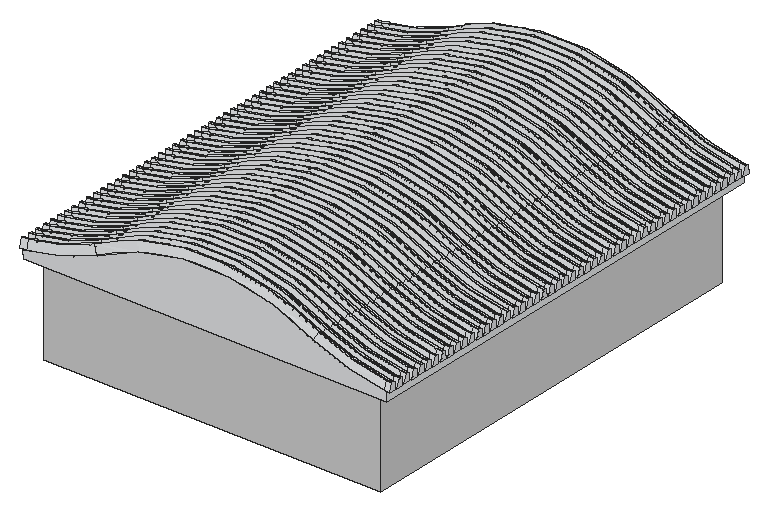
Revit family "Wall_Heaters-QMark-SSARWH_Smart_Series", category Mechanical Equipment, host Face, Revit 2016 (continued)
Definition of nested family "Front Panel SSARWH"
  Automatic sketch dimensions
    Sweep 12 sketch curve to Sweep 12 sketch curve = 0' - 1.04547"  (x2)
    Sweep 12 sketch curve to Sweep 12 sketch curve = 0' - 7.6786"  (x2)
    Sweep 12 sketch curve to Sweep 12 sketch curve = 0' - 7.95225"  (x2)
    Sweep 12 sketch curve to Sweep 12 sketch curve = 0' - 0.01322"  (x2)
    Sweep 12 sketch curve to Sweep 12 sketch curve = 0' - 2.88383"
    Sweep 12 sketch curve to profile plane = 1' - 6.42278"
    Sweep 12 sketch curve to profile plane = 1' - 6.39926"
    Sweep 12 sketch curve to profile plane = 1' - 6.15448"
    Sweep 13 sketch curve to Sweep 13 sketch curve = 0' - 9.98067"  (x2)
    Sweep 13 sketch curve to Sweep 13 sketch curve = 0' - 0.25218"  (x2)
    Sweep 13 sketch curve to profile plane = 0' - 0.00072"
    Sweep 13 sketch curve to profile plane = 0' - 0.03163"
    Sweep 13 sketch curve to Sweep 13 sketch curve = 0' - 0.33637"
    Sweep 13 sketch curve to Sweep 13 sketch curve = 0' - 0.11535"
    Sweep 13 sketch curve to Sweep 13 sketch curve = 0' - 0.03102"
    Sweep 13 sketch curve to Sweep 13 sketch curve = 0' - 1.04547"  (x2)
    Sweep 13 sketch curve to Sweep 13 sketch curve = 0' - 7.6786"  (x2)
    Sweep 13 sketch curve to Sweep 13 sketch curve = 0' - 7.95225"  (x2)
    Sweep 13 sketch curve to Sweep 13 sketch curve = 0' - 0.01322"  (x2)
    Sweep 13 sketch curve to Sweep 13 sketch curve = 0' - 2.88383"
    Sweep 13 sketch curve to profile plane = 1' - 6.42278"
    Sweep 13 sketch curve to profile plane = 1' - 6.39926"
    Sweep 13 sketch curve to profile plane = 1' - 6.15448"
    Sweep 14 sketch curve to Sweep 14 sketch curve = 0' - 9.98067"  (x2)
    Sweep 14 sketch curve to Sweep 14 sketch curve = 0' - 0.25218"  (x2)
    Sweep 14 sketch curve to profile plane = 0' - 0.00072"
    Sweep 14 sketch curve to profile plane = 0' - 0.03163"
    Sweep 14 sketch curve to Sweep 14 sketch curve = 0' - 0.33637"
    Sweep 14 sketch curve to Sweep 14 sketch curve = 0' - 0.11535"
    Sweep 14 sketch curve to Sweep 14 sketch curve = 0' - 0.03102"
    Sweep 14 sketch curve to Sweep 14 sketch curve = 0' - 1.04547"  (x2)
    Sweep 14 sketch curve to Sweep 14 sketch curve = 0' - 7.6786"  (x2)
    Sweep 14 sketch curve to Sweep 14 sketch curve = 0' - 7.95225"  (x2)
    Sweep 14 sketch curve to Sweep 14 sketch curve = 0' - 0.01322"  (x2)
    Sweep 14 sketch curve to Sweep 14 sketch curve = 0' - 2.88383"
    Sweep 14 sketch curve to profile plane = 1' - 6.42278"
    Sweep 14 sketch curve to profile plane = 1' - 6.39926"
    Sweep 14 sketch curve to profile plane = 1' - 6.15448"
    Sweep 15 sketch curve to Sweep 15 sketch curve = 0' - 9.98067"  (x2)
    Sweep 15 sketch curve to Sweep 15 sketch curve = 0' - 0.25218"  (x2)
    Sweep 15 sketch curve to profile plane = 0' - 0.00072"
    Sweep 15 sketch curve to profile plane = 0' - 0.03163"
    Sweep 15 sketch curve to Sweep 15 sketch curve = 0' - 0.33637"
    Sweep 15 sketch curve to Sweep 15 sketch curve = 0' - 0.11535"
    Sweep 15 sketch curve to Sweep 15 sketch curve = 0' - 0.03102"
    Sweep 15 sketch curve to Sweep 15 sketch curve = 0' - 1.04547"  (x2)
    Sweep 15 sketch curve to Sweep 15 sketch curve = 0' - 7.6786"  (x2)
    Sweep 15 sketch curve to Sweep 15 sketch curve = 0' - 7.95225"  (x2)
    Sweep 15 sketch curve to Sweep 15 sketch curve = 0' - 0.01322"  (x2)
    Sweep 15 sketch curve to Sweep 15 sketch curve = 0' - 2.88383"
    Sweep 15 sketch curve to profile plane = 1' - 6.42278"
    Sweep 15 sketch curve to profile plane = 1' - 6.39926"
    Sweep 15 sketch curve to profile plane = 1' - 6.15448"
    Sweep 16 sketch curve to Sweep 16 sketch curve = 0' - 9.98067"  (x2)
    Sweep 16 sketch curve to Sweep 16 sketch curve = 0' - 0.25218"  (x2)
    Sweep 16 sketch curve to profile plane = 0' - 0.00072"
    Sweep 16 sketch curve to profile plane = 0' - 0.03163"
    Sweep 16 sketch curve to Sweep 16 sketch curve = 0' - 0.33637"
    Sweep 16 sketch curve to Sweep 16 sketch curve = 0' - 0.11535"
    Sweep 16 sketch curve to Sweep 16 sketch curve = 0' - 0.03102"
    Sweep 16 sketch curve to Sweep 16 sketch curve = 0' - 1.04547"  (x2)
    Sweep 16 sketch curve to Sweep 16 sketch curve = 0' - 7.6786"  (x2)
    Sweep 16 sketch curve to Sweep 16 sketch curve = 0' - 7.95225"  (x2)
    Sweep 16 sketch curve to Sweep 16 sketch curve = 0' - 0.01322"  (x2)
    Sweep 16 sketch curve to Sweep 16 sketch curve = 0' - 2.88383"
    Sweep 16 sketch curve to profile plane = 1' - 6.42278"
    Sweep 16 sketch curve to profile plane = 1' - 6.39926"
    Sweep 16 sketch curve to profile plane = 1' - 6.15448"
    Sweep 17 sketch curve to Sweep 17 sketch curve = 0' - 9.98067"  (x2)
    Sweep 17 sketch curve to Sweep 17 sketch curve = 0' - 0.25218"  (x2)
    Sweep 17 sketch curve to profile plane = 0' - 0.00072"
    Sweep 17 sketch curve to profile plane = 0' - 0.03163"
    Sweep 17 sketch curve to Sweep 17 sketch curve = 0' - 0.33637"
    Sweep 17 sketch curve to Sweep 17 sketch curve = 0' - 0.11535"
    Sweep 17 sketch curve to Sweep 17 sketch curve = 0' - 0.03102"
    Sweep 17 sketch curve to Sweep 17 sketch curve = 0' - 1.04547"  (x2)
    Sweep 17 sketch curve to Sweep 17 sketch curve = 0' - 7.6786"  (x2)
    Sweep 17 sketch curve to Sweep 17 sketch curve = 0' - 7.95225"  (x2)
    Sweep 17 sketch curve to Sweep 17 sketch curve = 0' - 0.01322"  (x2)
    Sweep 17 sketch curve to Sweep 17 sketch curve = 0' - 2.88383"
    Sweep 17 sketch curve to profile plane = 1' - 6.42278"
    Sweep 17 sketch curve to profile plane = 1' - 6.39926"
    Sweep 17 sketch curve to profile plane = 1' - 6.15448"
    Sweep 18 sketch curve to Sweep 18 sketch curve = 0' - 9.98067"  (x2)
    Sweep 18 sketch curve to Sweep 18 sketch curve = 0' - 0.25218"  (x2)
    Sweep 18 sketch curve to profile plane = 0' - 0.00072"
    Sweep 18 sketch curve to profile plane = 0' - 0.03163"
    Sweep 18 sketch curve to Sweep 18 sketch curve = 0' - 0.33637"
    Sweep 18 sketch curve to Sweep 18 sketch curve = 0' - 0.11535"
    Sweep 18 sketch curve to Sweep 18 sketch curve = 0' - 0.03102"
    Sweep 18 sketch curve to Sweep 18 sketch curve = 0' - 1.04547"  (x2)
    Sweep 18 sketch curve to Sweep 18 sketch curve = 0' - 7.6786"  (x2)
    Sweep 18 sketch curve to Sweep 18 sketch curve = 0' - 7.95225"  (x2)
    Sweep 18 sketch curve to Sweep 18 sketch curve = 0' - 0.01322"  (x2)
    Sweep 18 sketch curve to Sweep 18 sketch curve = 0' - 2.88383"
    Sweep 18 sketch curve to profile plane = 1' - 6.42278"
    Sweep 18 sketch curve to profile plane = 1' - 6.39926"
    Sweep 18 sketch curve to profile plane = 1' - 6.15448"
    Sweep 19 sketch curve to Sweep 19 sketch curve = 0' - 9.98067"  (x2)
    Sweep 19 sketch curve to Sweep 19 sketch curve = 0' - 0.25218"  (x2)
    Sweep 19 sketch curve to profile plane = 0' - 0.00072"
    Sweep 19 sketch curve to profile plane = 0' - 0.03163"
    Sweep 19 sketch curve to Sweep 19 sketch curve = 0' - 0.33637"
    Sweep 19 sketch curve to Sweep 19 sketch curve = 0' - 0.11535"
    Sweep 19 sketch curve to Sweep 19 sketch curve = 0' - 0.03102"
    Sweep 19 sketch curve to Sweep 19 sketch curve = 0' - 1.04547"  (x2)
    Sweep 19 sketch curve to Sweep 19 sketch curve = 0' - 7.6786"  (x2)
    Sweep 19 sketch curve to Sweep 19 sketch curve = 0' - 7.95225"  (x2)
    Sweep 19 sketch curve to Sweep 19 sketch curve = 0' - 0.01322"  (x2)
    Sweep 19 sketch curve to Sweep 19 sketch curve = 0' - 2.88383"
    Sweep 19 sketch curve to profile plane = 1' - 6.42278"
    Sweep 19 sketch curve to profile plane = 1' - 6.39926"
    Sweep 19 sketch curve to profile plane = 1' - 6.15448"
    Sweep 20 sketch curve to Sweep 20 sketch curve = 0' - 9.98067"  (x2)
    Sweep 20 sketch curve to Sweep 20 sketch curve = 0' - 0.25218"  (x2)
    Sweep 20 sketch curve to profile plane = 0' - 0.00072"
    Sweep 20 sketch curve to profile plane = 0' - 0.03163"
    Sweep 20 sketch curve to Sweep 20 sketch curve = 0' - 0.33637"
    Sweep 20 sketch curve to Sweep 20 sketch curve = 0' - 0.11535"
    Sweep 20 sketch curve to Sweep 20 sketch curve = 0' - 0.03102"
    Sweep 20 sketch curve to Sweep 20 sketch curve = 0' - 1.04547"  (x2)
    Sweep 20 sketch curve to Sweep 20 sketch curve = 0' - 7.6786"  (x2)
    Sweep 20 sketch curve to Sweep 20 sketch curve = 0' - 7.95225"  (x2)
    Sweep 20 sketch curve to Sweep 20 sketch curve = 0' - 0.01322"  (x2)
    Sweep 20 sketch curve to Sweep 20 sketch curve = 0' - 2.88383"
    Sweep 20 sketch curve to profile plane = 1' - 6.42278"
    Sweep 20 sketch curve to profile plane = 1' - 6.39926"
    Sweep 20 sketch curve to profile plane = 1' - 6.15448"
    Sweep 21 sketch curve to Sweep 21 sketch curve = 0' - 9.98067"  (x2)
    Sweep 21 sketch curve to Sweep 21 sketch curve = 0' - 0.25218"  (x2)
    Sweep 21 sketch curve to profile plane = 0' - 0.00072"
    Sweep 21 sketch curve to profile plane = 0' - 0.03163"
    Sweep 21 sketch curve to Sweep 21 sketch curve = 0' - 0.33637"
    Sweep 21 sketch curve to Sweep 21 sketch curve = 0' - 0.11535"
    Sweep 21 sketch curve to Sweep 21 sketch curve = 0' - 0.03102"
    Sweep 21 sketch curve to Sweep 21 sketch curve = 0' - 1.04547"  (x2)
    Sweep 21 sketch curve to Sweep 21 sketch curve = 0' - 7.6786"  (x2)
    Sweep 21 sketch curve to Sweep 21 sketch curve = 0' - 7.95225"  (x2)
    Sweep 21 sketch curve to Sweep 21 sketch curve = 0' - 0.01322"  (x2)
    Sweep 21 sketch curve to Sweep 21 sketch curve = 0' - 2.88383"
    Sweep 21 sketch curve to profile plane = 1' - 6.42278"
    Sweep 21 sketch curve to profile plane = 1' - 6.39926"
    Sweep 21 sketch curve to profile plane = 1' - 6.15448"
    Sweep 22 sketch curve to Sweep 22 sketch curve = 0' - 9.98067"  (x2)
    Sweep 22 sketch curve to Sweep 22 sketch curve = 0' - 0.25218"  (x2)
    Sweep 22 sketch curve to profile plane = 0' - 0.00072"
    Sweep 22 sketch curve to profile plane = 0' - 0.03163"
    Sweep 22 sketch curve to Sweep 22 sketch curve = 0' - 0.33637"
    Sweep 22 sketch curve to Sweep 22 sketch curve = 0' - 0.11535"
    Sweep 22 sketch curve to Sweep 22 sketch curve = 0' - 0.03102"
    Sweep 22 sketch curve to Sweep 22 sketch curve = 0' - 1.04547"  (x2)
    Sweep 22 sketch curve to Sweep 22 sketch curve = 0' - 7.6786"  (x2)
    Sweep 22 sketch curve to Sweep 22 sketch curve = 0' - 7.95225"  (x2)
    Sweep 22 sketch curve to Sweep 22 sketch curve = 0' - 0.01322"  (x2)
    Sweep 22 sketch curve to Sweep 22 sketch curve = 0' - 2.88383"
    Sweep 22 sketch curve to profile plane = 1' - 6.42278"
    Sweep 22 sketch curve to profile plane = 1' - 6.39926"
    Sweep 22 sketch curve to profile plane = 1' - 6.15448"
    Sweep 23 sketch curve to Sweep 23 sketch curve = 0' - 9.98067"  (x2)
    Sweep 23 sketch curve to Sweep 23 sketch curve = 0' - 0.25218"  (x2)
    Sweep 23 sketch curve to profile plane = 0' - 0.00072"
    Sweep 23 sketch curve to profile plane = 0' - 0.03163"
    Sweep 23 sketch curve to Sweep 23 sketch curve = 0' - 0.33637"
    Sweep 23 sketch curve to Sweep 23 sketch curve = 0' - 0.11535"
    Sweep 23 sketch curve to Sweep 23 sketch curve = 0' - 0.03102"
    Sweep 23 sketch curve to Sweep 23 sketch curve = 0' - 1.04547"  (x2)
    Sweep 23 sketch curve to Sweep 23 sketch curve = 0' - 7.6786"  (x2)
    Sweep 23 sketch curve to Sweep 23 sketch curve = 0' - 7.95225"  (x2)
    Sweep 23 sketch curve to Sweep 23 sketch curve = 0' - 0.01322"  (x2)
    Sweep 23 sketch curve to Sweep 23 sketch curve = 0' - 2.88383"
    Sweep 23 sketch curve to profile plane = 1' - 6.42278"
    Sweep 23 sketch curve to profile plane = 1' - 6.39926"
    Sweep 23 sketch curve to profile plane = 1' - 6.15448"
    Sweep 24 sketch curve to Sweep 24 sketch curve = 0' - 9.98067"  (x2)
    Sweep 24 sketch curve to Sweep 24 sketch curve = 0' - 0.25218"  (x2)
    Sweep 24 sketch curve to profile plane = 0' - 0.00072"
    Sweep 24 sketch curve to profile plane = 0' - 0.03163"
    Sweep 24 sketch curve to Sweep 24 sketch curve = 0' - 0.33637"
    Sweep 24 sketch curve to Sweep 24 sketch curve = 0' - 0.11535"
    Sweep 24 sketch curve to Sweep 24 sketch curve = 0' - 0.03102"
    Sweep 24 sketch curve to Sweep 24 sketch curve = 0' - 1.04547"  (x2)
    Sweep 24 sketch curve to Sweep 24 sketch curve = 0' - 7.6786"  (x2)
    Sweep 24 sketch curve to Sweep 24 sketch curve = 0' - 7.95225"  (x2)
    Sweep 24 sketch curve to Sweep 24 sketch curve = 0' - 0.01322"  (x2)
    Sweep 24 sketch curve to Sweep 24 sketch curve = 0' - 2.88383"
    Sweep 24 sketch curve to profile plane = 1' - 6.42278"
    Sweep 24 sketch curve to profile plane = 1' - 6.39926"
    Sweep 24 sketch curve to profile plane = 1' - 6.15448"
    Sweep 25 sketch curve to Sweep 25 sketch curve = 0' - 9.98067"  (x2)
    Sweep 25 sketch curve to Sweep 25 sketch curve = 0' - 0.25218"  (x2)
    Sweep 25 sketch curve to profile plane = 0' - 0.00072"
    Sweep 25 sketch curve to profile plane = 0' - 0.03163"
    Sweep 25 sketch curve to Sweep 25 sketch curve = 0' - 0.33637"
    Sweep 25 sketch curve to Sweep 25 sketch curve = 0' - 0.11535"
    Sweep 25 sketch curve to Sweep 25 sketch curve = 0' - 0.03102"
    Sweep 25 sketch curve to Sweep 25 sketch curve = 0' - 1.04547"  (x2)
    Sweep 25 sketch curve to Sweep 25 sketch curve = 0' - 7.6786"  (x2)
    Sweep 25 sketch curve to Sweep 25 sketch curve = 0' - 7.95225"  (x2)
    Sweep 25 sketch curve to Sweep 25 sketch curve = 0' - 0.01322"  (x2)
    Sweep 25 sketch curve to Sweep 25 sketch curve = 0' - 2.88383"
    Sweep 25 sketch curve to profile plane = 1' - 6.42278"
    Sweep 25 sketch curve to profile plane = 1' - 6.39926"
    Sweep 25 sketch curve to profile plane = 1' - 6.15448"
    Sweep 26 sketch curve to Sweep 26 sketch curve = 0' - 9.98067"  (x2)
    Sweep 26 sketch curve to Sweep 26 sketch curve = 0' - 0.25218"  (x2)
    Sweep 26 sketch curve to profile plane = 0' - 0.00072"
    Sweep 26 sketch curve to profile plane = 0' - 0.03163"
    Sweep 26 sketch curve to Sweep 26 sketch curve = 0' - 0.33637"
    Sweep 26 sketch curve to Sweep 26 sketch curve = 0' - 0.11535"
    Sweep 26 sketch curve to Sweep 26 sketch curve = 0' - 0.03102"
    Sweep 26 sketch curve to Sweep 26 sketch curve = 0' - 1.04547"  (x2)
    Sweep 26 sketch curve to Sweep 26 sketch curve = 0' - 7.6786"  (x2)
    Sweep 26 sketch curve to Sweep 26 sketch curve = 0' - 7.95225"  (x2)
    Sweep 26 sketch curve to Sweep 26 sketch curve = 0' - 0.01322"  (x2)
    Sweep 26 sketch curve to Sweep 26 sketch curve = 0' - 2.88383"
    Sweep 26 sketch curve to profile plane = 1' - 6.42278"
    Sweep 26 sketch curve to profile plane = 1' - 6.39926"
    Sweep 26 sketch curve to profile plane = 1' - 6.15448"
    Sweep 27 sketch curve to Sweep 27 sketch curve = 0' - 9.98067"  (x2)
    Sweep 27 sketch curve to Sweep 27 sketch curve = 0' - 0.25218"  (x2)
    Sweep 27 sketch curve to profile plane = 0' - 0.00072"
    Sweep 27 sketch curve to profile plane = 0' - 0.03163"
    Sweep 27 sketch curve to Sweep 27 sketch curve = 0' - 0.33637"
    Sweep 27 sketch curve to Sweep 27 sketch curve = 0' - 0.11535"
    Sweep 27 sketch curve to Sweep 27 sketch curve = 0' - 0.03102"
    Sweep 27 sketch curve to Sweep 27 sketch curve = 0' - 1.04547"  (x2)
    Sweep 27 sketch curve to Sweep 27 sketch curve = 0' - 7.6786"  (x2)
    Sweep 27 sketch curve to Sweep 27 sketch curve = 0' - 7.95225"  (x2)
    Sweep 27 sketch curve to Sweep 27 sketch curve = 0' - 0.01322"  (x2)
    Sweep 27 sketch curve to Sweep 27 sketch curve = 0' - 2.88383"
    Sweep 27 sketch curve to profile plane = 1' - 6.42278"
    Sweep 27 sketch curve to profile plane = 1' - 6.39926"
    Sweep 27 sketch curve to profile plane = 1' - 6.15448"
    Sweep 28 sketch curve to Sweep 28 sketch curve = 0' - 9.98067"  (x2)
    Sweep 28 sketch curve to Sweep 28 sketch curve = 0' - 0.25218"  (x2)
    Sweep 28 sketch curve to profile plane = 0' - 0.00072"
    Sweep 28 sketch curve to profile plane = 0' - 0.03163"
    Sweep 28 sketch curve to Sweep 28 sketch curve = 0' - 0.33637"
    Sweep 28 sketch curve to Sweep 28 sketch curve = 0' - 0.11535"
    Sweep 28 sketch curve to Sweep 28 sketch curve = 0' - 0.03102"
    Sweep 28 sketch curve to Sweep 28 sketch curve = 0' - 1.04547"  (x2)
    Sweep 28 sketch curve to Sweep 28 sketch curve = 0' - 7.6786"  (x2)
    Sweep 28 sketch curve to Sweep 28 sketch curve = 0' - 7.95225"  (x2)
    Sweep 28 sketch curve to Sweep 28 sketch curve = 0' - 0.01322"  (x2)
    Sweep 28 sketch curve to Sweep 28 sketch curve = 0' - 2.88383"
    Sweep 28 sketch curve to profile plane = 1' - 6.42278"
    Sweep 28 sketch curve to profile plane = 1' - 6.39926"
    Sweep 28 sketch curve to profile plane = 1' - 6.15448"
    Sweep 29 sketch curve to Sweep 29 sketch curve = 0' - 9.98067"  (x2)
    Sweep 29 sketch curve to Sweep 29 sketch curve = 0' - 0.25218"  (x2)
    Sweep 29 sketch curve to profile plane = 0' - 0.00072"
    Sweep 29 sketch curve to profile plane = 0' - 0.03163"
    Sweep 29 sketch curve to Sweep 29 sketch curve = 0' - 0.33637"
    Sweep 29 sketch curve to Sweep 29 sketch curve = 0' - 0.11535"
    Sweep 29 sketch curve to Sweep 29 sketch curve = 0' - 0.03102"
    Sweep 29 sketch curve to Sweep 29 sketch curve = 0' - 1.04547"  (x2)
    Sweep 29 sketch curve to Sweep 29 sketch curve = 0' - 7.6786"  (x2)
    Sweep 29 sketch curve to Sweep 29 sketch curve = 0' - 7.95225"  (x2)
    Sweep 29 sketch curve to Sweep 29 sketch curve = 0' - 0.01322"  (x2)
    Sweep 29 sketch curve to Sweep 29 sketch curve = 0' - 2.88383"
    Sweep 29 sketch curve to profile plane = 1' - 6.42278"
    Sweep 29 sketch curve to profile plane = 1' - 6.39926"
    Sweep 29 sketch curve to profile plane = 1' - 6.15448"
    Sweep 30 sketch curve to Sweep 30 sketch curve = 0' - 9.98067"  (x2)
    Sweep 30 sketch curve to Sweep 30 sketch curve = 0' - 0.25218"  (x2)
    Sweep 30 sketch curve to profile plane = 0' - 0.00072"
    Sweep 30 sketch curve to profile plane = 0' - 0.03163"
    Sweep 30 sketch curve to Sweep 30 sketch curve = 0' - 0.33637"
    Sweep 30 sketch curve to Sweep 30 sketch curve = 0' - 0.11535"
    Sweep 30 sketch curve to Sweep 30 sketch curve = 0' - 0.03102"
    Sweep 30 sketch curve to Sweep 30 sketch curve = 0' - 1.04547"  (x2)
    Sweep 30 sketch curve to Sweep 30 sketch curve = 0' - 7.6786"  (x2)
    Sweep 30 sketch curve to Sweep 30 sketch curve = 0' - 7.95225"  (x2)
    Sweep 30 sketch curve to Sweep 30 sketch curve = 0' - 0.01322"  (x2)
    Sweep 30 sketch curve to Sweep 30 sketch curve = 0' - 2.88383"
    Sweep 30 sketch curve to profile plane = 1' - 6.42278"
    Sweep 30 sketch curve to profile plane = 1' - 6.39926"
    Sweep 30 sketch curve to profile plane = 1' - 6.15448"
    Sweep 31 sketch curve to Sweep 31 sketch curve = 0' - 9.98067"  (x2)
    Sweep 31 sketch curve to Sweep 31 sketch curve = 0' - 0.25218"  (x2)
    Sweep 31 sketch curve to profile plane = 0' - 0.00072"
    Sweep 31 sketch curve to profile plane = 0' - 0.03163"
    Sweep 31 sketch curve to Sweep 31 sketch curve = 0' - 0.33637"
    Sweep 31 sketch curve to Sweep 31 sketch curve = 0' - 0.11535"
    Sweep 31 sketch curve to Sweep 31 sketch curve = 0' - 0.03102"
    Sweep 31 sketch curve to Sweep 31 sketch curve = 0' - 1.04547"  (x2)
    Sweep 31 sketch curve to Sweep 31 sketch curve = 0' - 7.6786"  (x2)
    Sweep 31 sketch curve to Sweep 31 sketch curve = 0' - 7.95225"  (x2)
    Sweep 31 sketch curve to Sweep 31 sketch curve = 0' - 0.01322"  (x2)
    Sweep 31 sketch curve to Sweep 31 sketch curve = 0' - 2.88383"
    Sweep 31 sketch curve to profile plane = 1' - 6.42278"
    Sweep 31 sketch curve to profile plane = 1' - 6.39926"
    Sweep 31 sketch curve to profile plane = 1' - 6.15448"
    Sweep 32 sketch curve to Sweep 32 sketch curve = 0' - 9.98067"  (x2)
    Sweep 32 sketch curve to Sweep 32 sketch curve = 0' - 0.25218"  (x2)
    Sweep 32 sketch curve to profile plane = 0' - 0.00072"
    Sweep 32 sketch curve to profile plane = 0' - 0.03163"
    Sweep 32 sketch curve to Sweep 32 sketch curve = 0' - 0.33637"
    Sweep 32 sketch curve to Sweep 32 sketch curve = 0' - 0.11535"
    Sweep 32 sketch curve to Sweep 32 sketch curve = 0' - 0.03102"
    Sweep 32 sketch curve to Sweep 32 sketch curve = 0' - 1.04547"  (x2)
    Sweep 32 sketch curve to Sweep 32 sketch curve = 0' - 7.6786"  (x2)
    Sweep 32 sketch curve to Sweep 32 sketch curve = 0' - 7.95225"  (x2)
    Sweep 32 sketch curve to Sweep 32 sketch curve = 0' - 0.01322"  (x2)
    Sweep 32 sketch curve to Sweep 32 sketch curve = 0' - 2.88383"
    Sweep 32 sketch curve to profile plane = 1' - 6.42278"
    Sweep 32 sketch curve to profile plane = 1' - 6.39926"
    Sweep 32 sketch curve to profile plane = 1' - 6.15448"
    Sweep 33 sketch curve to Sweep 33 sketch curve = 0' - 9.98067"  (x2)
    Sweep 33 sketch curve to Sweep 33 sketch curve = 0' - 0.25218"  (x2)
    Sweep 33 sketch curve to profile plane = 0' - 0.00072"
    Sweep 33 sketch curve to profile plane = 0' - 0.03163"
    Sweep 33 sketch curve to Sweep 33 sketch curve = 0' - 0.33637"
    Sweep 33 sketch curve to Sweep 33 sketch curve = 0' - 0.11535"
    Sweep 33 sketch curve to Sweep 33 sketch curve = 0' - 0.03102"
    Sweep 33 sketch curve to Sweep 33 sketch curve = 0' - 1.04547"  (x2)
    Sweep 33 sketch curve to Sweep 33 sketch curve = 0' - 7.6786"  (x2)
    Sweep 33 sketch curve to Sweep 33 sketch curve = 0' - 7.95225"  (x2)
    Sweep 33 sketch curve to Sweep 33 sketch curve = 0' - 0.01322"  (x2)
    Sweep 33 sketch curve to Sweep 33 sketch curve = 0' - 2.88383"
    Sweep 33 sketch curve to profile plane = 1' - 6.42278"
    Sweep 33 sketch curve to profile plane = 1' - 6.39926"
    Sweep 33 sketch curve to profile plane = 1' - 6.15448"
    Sweep 34 sketch curve to Sweep 34 sketch curve = 0' - 9.98067"  (x2)
    Sweep 34 sketch curve to Sweep 34 sketch curve = 0' - 0.25218"  (x2)
    Sweep 34 sketch curve to profile plane = 0' - 0.00072"
    Sweep 34 sketch curve to profile plane = 0' - 0.03163"
    Sweep 34 sketch curve to Sweep 34 sketch curve = 0' - 0.33637"
    Sweep 34 sketch curve to Sweep 34 sketch curve = 0' - 0.11535"
    Sweep 34 sketch curve to Sweep 34 sketch curve = 0' - 0.03102"
    Sweep 34 sketch curve to Sweep 34 sketch curve = 0' - 1.04547"  (x2)
    Sweep 34 sketch curve to Sweep 34 sketch curve = 0' - 7.6786"  (x2)
    Sweep 34 sketch curve to Sweep 34 sketch curve = 0' - 7.95225"  (x2)
    Sweep 34 sketch curve to Sweep 34 sketch curve = 0' - 0.01322"  (x2)
    Sweep 34 sketch curve to Sweep 34 sketch curve = 0' - 2.88383"
    Sweep 34 sketch curve to profile plane = 1' - 6.42278"
    Sweep 34 sketch curve to profile plane = 1' - 6.39926"
    Sweep 34 sketch curve to profile plane = 1' - 6.15448"
    Sweep 35 sketch curve to Sweep 35 sketch curve = 0' - 9.98067"  (x2)
    Sweep 35 sketch curve to Sweep 35 sketch curve = 0' - 0.25218"  (x2)
    Sweep 35 sketch curve to profile plane = 0' - 0.00072"
    Sweep 35 sketch curve to profile plane = 0' - 0.03163"
    Sweep 35 sketch curve to Sweep 35 sketch curve = 0' - 0.33637"
    Sweep 35 sketch curve to Sweep 35 sketch curve = 0' - 0.11535"
    Sweep 35 sketch curve to Sweep 35 sketch curve = 0' - 0.03102"
    Sweep 35 sketch curve to Sweep 35 sketch curve = 0' - 1.04547"  (x2)
    Sweep 35 sketch curve to Sweep 35 sketch curve = 0' - 7.6786"  (x2)
    Sweep 35 sketch curve to Sweep 35 sketch curve = 0' - 7.95225"  (x2)
    Sweep 35 sketch curve to Sweep 35 sketch curve = 0' - 0.01322"  (x2)
    Sweep 35 sketch curve to Sweep 35 sketch curve = 0' - 2.88383"
    Sweep 35 sketch curve to profile plane = 1' - 6.42278"
    Sweep 35 sketch curve to profile plane = 1' - 6.39926"
    Sweep 35 sketch curve to profile plane = 1' - 6.15448"
    Sweep 36 sketch curve to Sweep 36 sketch curve = 0' - 9.98067"  (x2)
    Sweep 36 sketch curve to Sweep 36 sketch curve = 0' - 0.25218"  (x2)
    Sweep 36 sketch curve to profile plane = 0' - 0.00072"
    Sweep 36 sketch curve to profile plane = 0' - 0.03163"
    Sweep 36 sketch curve to Sweep 36 sketch curve = 0' - 0.33637"
    Sweep 36 sketch curve to Sweep 36 sketch curve = 0' - 0.11535"
    Sweep 36 sketch curve to Sweep 36 sketch curve = 0' - 0.03102"
    Sweep 36 sketch curve to Sweep 36 sketch curve = 0' - 1.04547"  (x2)
    Sweep 36 sketch curve to Sweep 36 sketch curve = 0' - 7.6786"  (x2)
    Sweep 36 sketch curve to Sweep 36 sketch curve = 0' - 7.95225"  (x2)
    Sweep 36 sketch curve to Sweep 36 sketch curve = 0' - 0.01322"  (x2)
    Sweep 36 sketch curve to Sweep 36 sketch curve = 0' - 2.88383"
    Sweep 36 sketch curve to profile plane = 1' - 6.42278"
    Sweep 36 sketch curve to profile plane = 1' - 6.39926"
    Sweep 36 sketch curve to profile plane = 1' - 6.15448"
    Sweep 37 sketch curve to Sweep 37 sketch curve = 0' - 9.98067"  (x2)
    Sweep 37 sketch curve to Sweep 37 sketch curve = 0' - 0.25218"  (x2)
    Sweep 37 sketch curve to profile plane = 0' - 0.00072"
    Sweep 37 sketch curve to profile plane = 0' - 0.03163"
    Sweep 37 sketch curve to Sweep 37 sketch curve = 0' - 0.33637"
    Sweep 37 sketch curve to Sweep 37 sketch curve = 0' - 0.11535"
    Sweep 37 sketch curve to Sweep 37 sketch curve = 0' - 0.03102"
    Sweep 37 sketch curve to Sweep 37 sketch curve = 0' - 1.04547"  (x2)
    Sweep 37 sketch curve to Sweep 37 sketch curve = 0' - 7.6786"  (x2)
    Sweep 37 sketch curve to Sweep 37 sketch curve = 0' - 7.95225"  (x2)
    Sweep 37 sketch curve to Sweep 37 sketch curve = 0' - 0.01322"  (x2)
    Sweep 37 sketch curve to Sweep 37 sketch curve = 0' - 2.88383"
    Sweep 37 sketch curve to profile plane = 1' - 6.42278"
    Sweep 37 sketch curve to profile plane = 1' - 6.39926"
    Sweep 37 sketch curve to profile plane = 1' - 6.15448"
    Sweep 38 sketch curve to Sweep 38 sketch curve = 0' - 9.98067"  (x2)
    Sweep 38 sketch curve to Sweep 38 sketch curve = 0' - 0.25218"  (x2)
    Sweep 38 sketch curve to profile plane = 0' - 0.00072"
    Sweep 38 sketch curve to profile plane = 0' - 0.03163"
    Sweep 38 sketch curve to Sweep 38 sketch curve = 0' - 0.33637"
    Sweep 38 sketch curve to Sweep 38 sketch curve = 0' - 0.11535"
    Sweep 38 sketch curve to Sweep 38 sketch curve = 0' - 0.03102"
    Sweep 38 sketch curve to Sweep 38 sketch curve = 0' - 1.04547"  (x2)
    Sweep 38 sketch curve to Sweep 38 sketch curve = 0' - 7.6786"  (x2)
    Sweep 38 sketch curve to Sweep 38 sketch curve = 0' - 7.95225"  (x2)
    Sweep 38 sketch curve to Sweep 38 sketch curve = 0' - 0.01322"  (x2)
    Sweep 38 sketch curve to Sweep 38 sketch curve = 0' - 2.88383"
    Sweep 38 sketch curve to profile plane = 1' - 6.42278"
    Sweep 38 sketch curve to profile plane = 1' - 6.39926"
    Sweep 38 sketch curve to profile plane = 1' - 6.15448"
    Sweep 39 sketch curve to Sweep 39 sketch curve = 0' - 9.98067"  (x2)
    Sweep 39 sketch curve to Sweep 39 sketch curve = 0' - 0.25218"  (x2)
    Sweep 39 sketch curve to profile plane = 0' - 0.00072"
    Sweep 39 sketch curve to profile plane = 0' - 0.03163"
    Sweep 39 sketch curve to Sweep 39 sketch curve = 0' - 0.33637"
    Sweep 39 sketch curve to Sweep 39 sketch curve = 0' - 0.11535"
    Sweep 39 sketch curve to Sweep 39 sketch curve = 0' - 0.03102"
    Sweep 39 sketch curve to Sweep 39 sketch curve = 0' - 1.04547"  (x2)
    Sweep 39 sketch curve to Sweep 39 sketch curve = 0' - 7.6786"  (x2)
    Sweep 39 sketch curve to Sweep 39 sketch curve = 0' - 7.95225"  (x2)
    Sweep 39 sketch curve to Sweep 39 sketch curve = 0' - 0.01322"  (x2)
    Sweep 39 sketch curve to Sweep 39 sketch curve = 0' - 2.88383"
    Sweep 39 sketch curve to profile plane = 1' - 6.42278"
    Sweep 39 sketch curve to profile plane = 1' - 6.39926"
    Sweep 39 sketch curve to profile plane = 1' - 6.15448"
    Sweep 40 sketch curve to Sweep 40 sketch curve = 0' - 9.98067"  (x2)
    Sweep 40 sketch curve to Sweep 40 sketch curve = 0' - 0.25218"  (x2)
    Sweep 40 sketch curve to profile plane = 0' - 0.00072"
    Sweep 40 sketch curve to profile plane = 0' - 0.03163"
    Sweep 40 sketch curve to Sweep 40 sketch curve = 0' - 0.33637"
    Sweep 40 sketch curve to Sweep 40 sketch curve = 0' - 0.11535"
    Sweep 40 sketch curve to Sweep 40 sketch curve = 0' - 0.03102"
    Sweep 40 sketch curve to Sweep 40 sketch curve = 0' - 1.04547"  (x2)
    Sweep 40 sketch curve to Sweep 40 sketch curve = 0' - 7.6786"  (x2)
    Sweep 40 sketch curve to Sweep 40 sketch curve = 0' - 7.95225"  (x2)
    Sweep 40 sketch curve to Sweep 40 sketch curve = 0' - 0.01322"  (x2)
    Sweep 40 sketch curve to Sweep 40 sketch curve = 0' - 2.88383"
    Sweep 40 sketch curve to profile plane = 1' - 6.42278"
    Sweep 40 sketch curve to profile plane = 1' - 6.39926"
    Sweep 40 sketch curve to profile plane = 1' - 6.15448"
    Sweep 41 sketch curve to Sweep 41 sketch curve = 0' - 9.98067"  (x2)
    Sweep 41 sketch curve to Sweep 41 sketch curve = 0' - 0.25218"  (x2)
    Sweep 41 sketch curve to profile plane = 0' - 0.00072"
    Sweep 41 sketch curve to profile plane = 0' - 0.03163"
    Sweep 41 sketch curve to Sweep 41 sketch curve = 0' - 0.33637"
    Sweep 41 sketch curve to Sweep 41 sketch curve = 0' - 0.11535"
    Sweep 41 sketch curve to Sweep 41 sketch curve = 0' - 0.03102"
    Sweep 41 sketch curve to Sweep 41 sketch curve = 0' - 1.04547"  (x2)
    Sweep 41 sketch curve to Sweep 41 sketch curve = 0' - 7.6786"  (x2)
    Sweep 41 sketch curve to Sweep 41 sketch curve = 0' - 7.95225"  (x2)
    Sweep 41 sketch curve to Sweep 41 sketch curve = 0' - 0.01322"  (x2)
    Sweep 41 sketch curve to Sweep 41 sketch curve = 0' - 2.88383"
    Sweep 41 sketch curve to profile plane = 1' - 6.42278"
    Sweep 41 sketch curve to profile plane = 1' - 6.39926"
    Sweep 41 sketch curve to profile plane = 1' - 6.15448"
    Sweep 42 sketch curve to Sweep 42 sketch curve = 0' - 9.98067"  (x2)
    Sweep 42 sketch curve to Sweep 42 sketch curve = 0' - 0.25218"  (x2)
    Sweep 42 sketch curve to profile plane = 0' - 0.00072"
    Sweep 42 sketch curve to profile plane = 0' - 0.03163"
    Sweep 42 sketch curve to Sweep 42 sketch curve = 0' - 0.33637"
    Sweep 42 sketch curve to Sweep 42 sketch curve = 0' - 0.11535"
    Sweep 42 sketch curve to Sweep 42 sketch curve = 0' - 0.03102"
    Sweep 42 sketch curve to Sweep 42 sketch curve = 0' - 1.04547"  (x2)
    Sweep 42 sketch curve to Sweep 42 sketch curve = 0' - 7.6786"  (x2)
    Sweep 42 sketch curve to Sweep 42 sketch curve = 0' - 7.95225"  (x2)
    Sweep 42 sketch curve to Sweep 42 sketch curve = 0' - 0.01322"  (x2)
    Sweep 42 sketch curve to Sweep 42 sketch curve = 0' - 2.88383"
    Sweep 42 sketch curve to profile plane = 1' - 6.42278"
    Sweep 42 sketch curve to profile plane = 1' - 6.39926"
    Sweep 42 sketch curve to profile plane = 1' - 6.15448"
    Sweep 43 sketch curve to Sweep 43 sketch curve = 0' - 9.98067"  (x2)
    Sweep 43 sketch curve to Sweep 43 sketch curve = 0' - 0.25218"  (x2)
    Sweep 43 sketch curve to profile plane = 0' - 0.00072"
    Sweep 43 sketch curve to profile plane = 0' - 0.03163"
    Sweep 43 sketch curve to Sweep 43 sketch curve = 0' - 0.33637"
    Sweep 43 sketch curve to Sweep 43 sketch curve = 0' - 0.11535"
    Sweep 43 sketch curve to Sweep 43 sketch curve = 0' - 0.03102"
    Sweep 43 sketch curve to Sweep 43 sketch curve = 0' - 1.04547"  (x2)
    Sweep 43 sketch curve to Sweep 43 sketch curve = 0' - 7.6786"  (x2)
    Sweep 43 sketch curve to Sweep 43 sketch curve = 0' - 7.95225"  (x2)
    Sweep 43 sketch curve to Sweep 43 sketch curve = 0' - 0.01322"  (x2)
    Sweep 43 sketch curve to Sweep 43 sketch curve = 0' - 2.88383"
    Sweep 43 sketch curve to profile plane = 1' - 6.42278"
    Sweep 43 sketch curve to profile plane = 1' - 6.39926"
    Sweep 43 sketch curve to profile plane = 1' - 6.15448"
    Sweep 44 sketch curve to Sweep 44 sketch curve = 0' - 9.98067"  (x2)
    Sweep 44 sketch curve to Sweep 44 sketch curve = 0' - 0.25218"  (x2)
    Sweep 44 sketch curve to profile plane = 0' - 0.00072"
    Sweep 44 sketch curve to profile plane = 0' - 0.03163"
    Sweep 44 sketch curve to Sweep 44 sketch curve = 0' - 0.33637"
    Sweep 44 sketch curve to Sweep 44 sketch curve = 0' - 0.11535"
    Sweep 44 sketch curve to Sweep 44 sketch curve = 0' - 0.03102"
    Sweep 44 sketch curve to Sweep 44 sketch curve = 0' - 1.04547"  (x2)
    Sweep 44 sketch curve to Sweep 44 sketch curve = 0' - 7.6786"  (x2)
    Sweep 44 sketch curve to Sweep 44 sketch curve = 0' - 7.95225"  (x2)
    Sweep 44 sketch curve to Sweep 44 sketch curve = 0' - 0.01322"  (x2)
    Sweep 44 sketch curve to Sweep 44 sketch curve = 0' - 2.88383"
    Sweep 44 sketch curve to profile plane = 1' - 6.42278"
    Sweep 44 sketch curve to profile plane = 1' - 6.39926"
    Sweep 44 sketch curve to profile plane = 1' - 6.15448"
    Sweep 45 sketch curve to Sweep 45 sketch curve = 0' - 9.98067"  (x2)
    Sweep 45 sketch curve to Sweep 45 sketch curve = 0' - 0.25218"  (x2)
    Sweep 45 sketch curve to profile plane = 0' - 0.00072"
    Sweep 45 sketch curve to profile plane = 0' - 0.03163"
    Sweep 45 sketch curve to Sweep 45 sketch curve = 0' - 0.33637"
    Sweep 45 sketch curve to Sweep 45 sketch curve = 0' - 0.11535"
    Sweep 45 sketch curve to Sweep 45 sketch curve = 0' - 0.03102"
    Sweep 45 sketch curve to Sweep 45 sketch curve = 0' - 1.04547"  (x2)
    Sweep 45 sketch curve to Sweep 45 sketch curve = 0' - 7.6786"  (x2)
    Sweep 45 sketch curve to Sweep 45 sketch curve = 0' - 7.95225"  (x2)
    Sweep 45 sketch curve to Sweep 45 sketch curve = 0' - 0.01322"  (x2)
    Sweep 45 sketch curve to Sweep 45 sketch curve = 0' - 2.88383"
    Sweep 45 sketch curve to profile plane = 1' - 6.42278"
    Sweep 45 sketch curve to profile plane = 1' - 6.39926"
    Sweep 45 sketch curve to profile plane = 1' - 6.15448"
    Sweep 46 sketch curve to Sweep 46 sketch curve = 0' - 9.98067"  (x2)
    Sweep 46 sketch curve to Sweep 46 sketch curve = 0' - 0.25218"  (x2)
    Sweep 46 sketch curve to profile plane = 0' - 0.00072"
    Sweep 46 sketch curve to profile plane = 0' - 0.03163"
    Sweep 46 sketch curve to Sweep 46 sketch curve = 0' - 0.33637"
    Sweep 46 sketch curve to Sweep 46 sketch curve = 0' - 0.11535"
    Sweep 46 sketch curve to Sweep 46 sketch curve = 0' - 0.03102"
    Sweep 46 sketch curve to Sweep 46 sketch curve = 0' - 1.04547"  (x2)
    Sweep 46 sketch curve to Sweep 46 sketch curve = 0' - 7.6786"  (x2)
    Sweep 46 sketch curve to Sweep 46 sketch curve = 0' - 7.95225"  (x2)
    Sweep 46 sketch curve to Sweep 46 sketch curve = 0' - 0.01322"  (x2)
    Sweep 46 sketch curve to Sweep 46 sketch curve = 0' - 2.88383"
    Sweep 46 sketch curve to profile plane = 1' - 6.42278"
    Sweep 46 sketch curve to profile plane = 1' - 6.39926"
    Sweep 46 sketch curve to profile plane = 1' - 6.15448"
    Sweep 47 sketch curve to Sweep 47 sketch curve = 0' - 9.98067"  (x2)
    Sweep 47 sketch curve to Sweep 47 sketch curve = 0' - 0.25218"  (x2)
    Sweep 47 sketch curve to profile plane = 0' - 0.00072"
    Sweep 47 sketch curve to profile plane = 0' - 0.03163"
    Sweep 47 sketch curve to Sweep 47 sketch curve = 0' - 0.33637"
    Sweep 47 sketch curve to Sweep 47 sketch curve = 0' - 0.11535"
    Sweep 47 sketch curve to Sweep 47 sketch curve = 0' - 0.03102"
    Sweep 47 sketch curve to Sweep 47 sketch curve = 0' - 1.04547"  (x2)
    Sweep 47 sketch curve to Sweep 47 sketch curve = 0' - 7.6786"  (x2)
    Sweep 47 sketch curve to Sweep 47 sketch curve = 0' - 7.95225"  (x2)
    Sweep 47 sketch curve to Sweep 47 sketch curve = 0' - 0.01322"  (x2)
    Sweep 47 sketch curve to Sweep 47 sketch curve = 0' - 2.88383"
    Sweep 47 sketch curve to profile plane = 1' - 6.42278"
    Sweep 47 sketch curve to profile plane = 1' - 6.39926"
    Sweep 47 sketch curve to profile plane = 1' - 6.15448"
    Sweep 48 sketch curve to Sweep 48 sketch curve = 0' - 9.98067"  (x2)
    Sweep 48 sketch curve to Sweep 48 sketch curve = 0' - 0.25218"  (x2)
    Sweep 48 sketch curve to profile plane = 0' - 0.00072"
    Sweep 48 sketch curve to profile plane = 0' - 0.03163"
    Sweep 48 sketch curve to Sweep 48 sketch curve = 0' - 0.33637"
    Sweep 48 sketch curve to Sweep 48 sketch curve = 0' - 0.11535"
    Sweep 48 sketch curve to Sweep 48 sketch curve = 0' - 0.03102"
    Sweep 48 sketch curve to Sweep 48 sketch curve = 0' - 1.04547"  (x2)
    Sweep 48 sketch curve to Sweep 48 sketch curve = 0' - 7.6786"  (x2)
    Sweep 48 sketch curve to Sweep 48 sketch curve = 0' - 7.95225"  (x2)
    Sweep 48 sketch curve to Sweep 48 sketch curve = 0' - 0.01322"  (x2)
    Sweep 48 sketch curve to Sweep 48 sketch curve = 0' - 2.88383"
    Sweep 48 sketch curve to profile plane = 1' - 6.42278"
    Sweep 48 sketch curve to profile plane = 1' - 6.39926"
    Sweep 48 sketch curve to profile plane = 1' - 6.15448"
    Sweep 49 sketch curve to Sweep 49 sketch curve = 0' - 9.98067"  (x2)
    Sweep 49 sketch curve to Sweep 49 sketch curve = 0' - 0.25218"  (x2)
    Sweep 49 sketch curve to profile plane = 0' - 0.00072"
    Sweep 49 sketch curve to profile plane = 0' - 0.03163"
    Sweep 49 sketch curve to Sweep 49 sketch curve = 0' - 0.33637"
    Sweep 49 sketch curve to Sweep 49 sketch curve = 0' - 0.11535"
    Sweep 49 sketch curve to Sweep 49 sketch curve = 0' - 0.03102"
    Sweep 49 sketch curve to Sweep 49 sketch curve = 0' - 1.04547"  (x2)
    Sweep 49 sketch curve to Sweep 49 sketch curve = 0' - 7.6786"  (x2)
    Sweep 49 sketch curve to Sweep 49 sketch curve = 0' - 7.95225"  (x2)
    Sweep 49 sketch curve to Sweep 49 sketch curve = 0' - 0.01322"  (x2)
    Sweep 49 sketch curve to Sweep 49 sketch curve = 0' - 2.88383"
    Sweep 49 sketch curve to profile plane = 1' - 6.42278"
    Sweep 49 sketch curve to profile plane = 1' - 6.39926"
    Sweep 49 sketch curve to profile plane = 1' - 6.15448"
    Sweep 50 sketch curve to Sweep 50 sketch curve = 0' - 9.98067"  (x2)
    Sweep 50 sketch curve to Sweep 50 sketch curve = 0' - 0.25218"  (x2)
    Sweep 50 sketch curve to profile plane = 0' - 0.00072"
    Sweep 50 sketch curve to profile plane = 0' - 0.03163"
    Sweep 50 sketch curve to Sweep 50 sketch curve = 0' - 0.33637"
    Sweep 50 sketch curve to Sweep 50 sketch curve = 0' - 0.11535"
    Sweep 50 sketch curve to Sweep 50 sketch curve = 0' - 0.03102"
    Sweep 50 sketch curve to Sweep 50 sketch curve = 0' - 1.04547"  (x2)
    Sweep 50 sketch curve to Sweep 50 sketch curve = 0' - 7.6786"  (x2)
    Sweep 50 sketch curve to Sweep 50 sketch curve = 0' - 7.95225"  (x2)
    Sweep 50 sketch curve to Sweep 50 sketch curve = 0' - 0.01322"  (x2)
    Sweep 50 sketch curve to Sweep 50 sketch curve = 0' - 2.88383"
    Sweep 50 sketch curve to profile plane = 1' - 6.42278"
    Sweep 50 sketch curve to profile plane = 1' - 6.39926"
    Sweep 50 sketch curve to profile plane = 1' - 6.15448"
    Sweep 51 sketch curve to Sweep 51 sketch curve = 0' - 9.98067"  (x2)
    Sweep 51 sketch curve to Sweep 51 sketch curve = 0' - 0.25218"  (x2)
    Sweep 51 sketch curve to profile plane = 0' - 0.00072"
    Sweep 51 sketch curve to profile plane = 0' - 0.03163"
    Sweep 51 sketch curve to Sweep 51 sketch curve = 0' - 0.33637"
    Sweep 51 sketch curve to Sweep 51 sketch curve = 0' - 0.11535"
    Sweep 51 sketch curve to Sweep 51 sketch curve = 0' - 0.03102"
    Sweep 51 sketch curve to Sweep 51 sketch curve = 0' - 1.04547"  (x2)
    Sweep 51 sketch curve to Sweep 51 sketch curve = 0' - 7.6786"  (x2)
    Sweep 51 sketch curve to Sweep 51 sketch curve = 0' - 7.95225"  (x2)
    Sweep 51 sketch curve to Sweep 51 sketch curve = 0' - 0.01322"  (x2)
    Sweep 51 sketch curve to Sweep 51 sketch curve = 0' - 2.88383"
    Sweep 51 sketch curve to profile plane = 1' - 6.42278"
    Sweep 51 sketch curve to profile plane = 1' - 6.39926"
    Sweep 51 sketch curve to profile plane = 1' - 6.15448"
    Extrusion 1 sketch curve to plane 3 "Center (Left/Right)" = 0' - 0"
    Extrusion 1 sketch curve to plane 3 "Center (Left/Right)" = 0' - 7.776"
    Extrusion 1 sketch curve to Extrusion 1 sketch curve = 0' - 0.00632"  (x2)
    Extrusion 1 sketch curve to plane 3 "Center (Left/Right)" = 0' - 8.97624"
    plane 3 "Center (Left/Right)" to Extrusion 1 sketch curve = 0' - 7.776"
    plane 3 "Center (Left/Right)" to Extrusion 1 sketch curve = 0' - 8.97624"
    Extrusion 1 sketch curve to level = 0' - 7.21971"
    Extrusion 1 sketch curve to Extrusion 1 sketch curve = 0' - 10.35094"  (x2)
    level to Extrusion 1 sketch curve = 0' - 1.24352"
    Sweep 2 sketch curve to plane 3 "Center (Left/Right)" = 0' - 0"
    Sweep 2 sketch curve to level = 0' - 7.21971"
    Sweep 3 sketch curve to plane 3 "Center (Left/Right)" = 0' - 0"
    Sweep 3 sketch curve to level = 0' - 7.21971"
    Sweep 4 sketch curve to plane 3 "Center (Left/Right)" = 0' - 0"
    Sweep 4 sketch curve to level = 0' - 7.21971"
    Sweep 5 sketch curve to plane 3 "Center (Left/Right)" = 0' - 0"
    Sweep 5 sketch curve to level = 0' - 7.21971"
    Sweep 6 sketch curve to plane 3 "Center (Left/Right)" = 0' - 0"
    Sweep 6 sketch curve to level = 0' - 7.21971"
    Sweep 7 sketch curve to plane 3 "Center (Left/Right)" = 0' - 0"
    Sweep 7 sketch curve to level = 0' - 7.21971"
    Sweep 8 sketch curve to plane 3 "Center (Left/Right)" = 0' - 0"
    Sweep 8 sketch curve to level = 0' - 7.21971"
    Sweep 9 sketch curve to plane 3 "Center (Left/Right)" = 0' - 0"
    Sweep 9 sketch curve to level = 0' - 7.21971"
    Sweep 10 sketch curve to plane 3 "Center (Left/Right)" = 0' - 0"
    Sweep 10 sketch curve to level = 0' - 7.21971"
    Sweep 11 sketch curve to plane 3 "Center (Left/Right)" = 0' - 0"
    Sweep 11 sketch curve to level = 0' - 7.21971"
    Sweep 12 sketch curve to plane 3 "Center (Left/Right)" = 0' - 0"
    Sweep 12 sketch curve to level = 0' - 7.21971"
    Sweep 13 sketch curve to plane 3 "Center (Left/Right)" = 0' - 0"
    Sweep 13 sketch curve to level = 0' - 7.21971"
    Sweep 14 sketch curve to plane 3 "Center (Left/Right)" = 0' - 0"
    Sweep 14 sketch curve to level = 0' - 7.21971"
    Sweep 15 sketch curve to plane 3 "Center (Left/Right)" = 0' - 0"
    Sweep 15 sketch curve to level = 0' - 7.21971"
    Sweep 16 sketch curve to plane 3 "Center (Left/Right)" = 0' - 0"
    Sweep 16 sketch curve to level = 0' - 7.21971"
    Sweep 17 sketch curve to plane 3 "Center (Left/Right)" = 0' - 0"
    Sweep 17 sketch curve to level = 0' - 7.21971"
    Sweep 18 sketch curve to plane 3 "Center (Left/Right)" = 0' - 0"
    Sweep 18 sketch curve to level = 0' - 7.21971"
    Sweep 19 sketch curve to plane 3 "Center (Left/Right)" = 0' - 0"
    Sweep 19 sketch curve to level = 0' - 7.21971"
    Sweep 20 sketch curve to plane 3 "Center (Left/Right)" = 0' - 0"
    Sweep 20 sketch curve to level = 0' - 7.21971"
    Sweep 21 sketch curve to plane 3 "Center (Left/Right)" = 0' - 0"
    Sweep 21 sketch curve to level = 0' - 7.21971"
    Sweep 22 sketch curve to plane 3 "Center (Left/Right)" = 0' - 0"
    Sweep 22 sketch curve to level = 0' - 7.21971"
    Sweep 23 sketch curve to plane 3 "Center (Left/Right)" = 0' - 0"
    Sweep 23 sketch curve to level = 0' - 7.21971"
    Sweep 24 sketch curve to plane 3 "Center (Left/Right)" = 0' - 0"
    Sweep 24 sketch curve to level = 0' - 7.21971"
    Sweep 25 sketch curve to plane 3 "Center (Left/Right)" = 0' - 0"
    Sweep 25 sketch curve to level = 0' - 7.21971"
    Sweep 26 sketch curve to plane 3 "Center (Left/Right)" = 0' - 0"
    Sweep 26 sketch curve to level = 0' - 7.21971"
    Sweep 27 sketch curve to plane 3 "Center (Left/Right)" = 0' - 0"
    Sweep 27 sketch curve to level = 0' - 7.21971"
    Sweep 28 sketch curve to plane 3 "Center (Left/Right)" = 0' - 0"
    Sweep 28 sketch curve to level = 0' - 7.21971"
    Sweep 29 sketch curve to plane 3 "Center (Left/Right)" = 0' - 0"
    Sweep 29 sketch curve to level = 0' - 7.21971"
    Sweep 30 sketch curve to plane 3 "Center (Left/Right)" = 0' - 0"
    Sweep 30 sketch curve to level = 0' - 7.21971"
    Sweep 31 sketch curve to plane 3 "Center (Left/Right)" = 0' - 0"
    Sweep 31 sketch curve to level = 0' - 7.21971"
    Sweep 32 sketch curve to plane 3 "Center (Left/Right)" = 0' - 0"
    Sweep 32 sketch curve to level = 0' - 7.21971"
    Sweep 33 sketch curve to plane 3 "Center (Left/Right)" = 0' - 0"
    Sweep 33 sketch curve to level = 0' - 7.21971"
    Sweep 34 sketch curve to plane 3 "Center (Left/Right)" = 0' - 0"
    Sweep 34 sketch curve to level = 0' - 7.21971"
    Sweep 35 sketch curve to plane 3 "Center (Left/Right)" = 0' - 0"
    Sweep 35 sketch curve to level = 0' - 7.21971"
    Sweep 36 sketch curve to plane 3 "Center (Left/Right)" = 0' - 0"
    Sweep 36 sketch curve to level = 0' - 7.21971"
    Sweep 37 sketch curve to plane 3 "Center (Left/Right)" = 0' - 0"
    Sweep 37 sketch curve to level = 0' - 7.21971"
    Sweep 38 sketch curve to plane 3 "Center (Left/Right)" = 0' - 0"
    Sweep 38 sketch curve to level = 0' - 7.21971"
    Sweep 39 sketch curve to plane 3 "Center (Left/Right)" = 0' - 0"
    Sweep 39 sketch curve to level = 0' - 7.21971"
    Sweep 40 sketch curve to plane 3 "Center (Left/Right)" = 0' - 0"
    Sweep 40 sketch curve to level = 0' - 7.21971"
    Sweep 41 sketch curve to plane 3 "Center (Left/Right)" = 0' - 0"
    Sweep 41 sketch curve to level = 0' - 7.21971"
    Sweep 42 sketch curve to plane 3 "Center (Left/Right)" = 0' - 0"
    Sweep 42 sketch curve to level = 0' - 7.21971"
    Sweep 43 sketch curve to plane 3 "Center (Left/Right)" = 0' - 0"
    Sweep 43 sketch curve to level = 0' - 7.21971"
    Sweep 44 sketch curve to plane 3 "Center (Left/Right)" = 0' - 0"
    Sweep 44 sketch curve to level = 0' - 7.21971"
    Sweep 45 sketch curve to plane 3 "Center (Left/Right)" = 0' - 0"
    Sweep 45 sketch curve to level = 0' - 7.21971"
    Sweep 46 sketch curve to plane 3 "Center (Left/Right)" = 0' - 0"
    Sweep 46 sketch curve to level = 0' - 7.21971"
    Sweep 47 sketch curve to plane 3 "Center (Left/Right)" = 0' - 0"
    Sweep 47 sketch curve to level = 0' - 7.21971"
    Sweep 48 sketch curve to plane 3 "Center (Left/Right)" = 0' - 0"
    Sweep 48 sketch curve to level = 0' - 7.21971"
    Sweep 49 sketch curve to plane 3 "Center (Left/Right)" = 0' - 0"
    Sweep 49 sketch curve to level = 0' - 7.21971"
    Sweep 50 sketch curve to plane 3 "Center (Left/Right)" = 0' - 0"
    Sweep 50 sketch curve to level = 0' - 7.21971"
    Sweep 51 sketch curve to plane 3 "Center (Left/Right)" = 0' - 0"
    Sweep 51 sketch curve to level = 0' - 7.21971"
Types (5): name | Watts | Voltage | Model | Recessed Dimension | Casing | Semi Recessed Mount 1 | Amps
  (no name) | 1800 W | 208 V | "SSARWH4808" | 0' - 2 13/16" | Metal - Berko - Aluminum Finish | yes | 8.7 A
  SSARWH1802 | 540 W | 120 V | "SSARWH1802" | 0' - 0 1/8" | Metal - Berko - White Paint | no | 4.5 A
  SSARWH4808 | 1800 W | 208 V | "SSARWH4808" | 0' - 2 13/16" | Metal - Berko - Aluminum Finish | yes | 8.7 A
  SSARWH4804 | 1800 W | 240 V | "SSARWH4804" | 0' - 0 1/8" | Metal - Berko - White Paint | no | 7.5 A
  SSARWH4807 | 1800 W | 277 V | "SSARWH4807" | 0' - 0 1/8" | Metal - Berko - White Paint | no | 6.5 A
